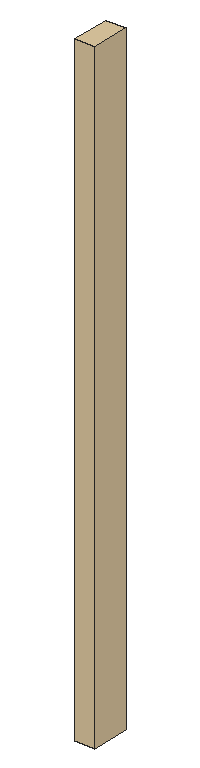
Revit family "M_Glulam-Western Species-Column", category 구조 기둥, Revit 2026
Family settings
  단면 모양 = 정의되지 않음
  모델 동작 재료 = 목재
  항상 형상으로 내보내기 = 아니오
  평면의 보 전환 = 경계 상자에서
  로드될 때 보이드를 사용하여 절단 = 아니오
  기호 표현 = 프로젝트 설정에서
  공유 = 아니오
  평면도에서 미리 절단된 패밀리 표시 = 예
Parameters (values of type "79x152")
  Structural Material [instance] = Wood - Dimensional Lumber
  b = 79 mm
  d = 152 mm
Types (3, lengths in mm): name | b
  (no name) | 79
  79x152 | 79
  130x152 | 130
Reference planes
  plane 1 "Center (Front/Back)": y = 0
  plane 2: z = 0
  plane 3 "Center (Left/Right)": x = 0
  plane 4: x = -39.5
  plane 5: x = 39.5
  plane 6: y = 76
  plane 7: y = -76
Forms (mm)
  Extrusion 1, solid, material "Wood - Dimensional Lumber" <- "Structural Material", detail levels medium+fine
    sketch origin (0, 0, 0) x (1, 0, 0) y (0, 1, 0)
      loop
        line (-39.5, 76) -> (-39.5, -76) -> (39.5, -76) -> (39.5, 76) -> (-39.5, 76)
    from 0 to 2500
Lines and regions (mm)
  symbolic lines, style "StructuralColumnStickSymbols", detail levels coarse
    curve 1: line (-39.5, 76, 0) -> (39.5, 76, 0)
    curve 2: line (-39.5, -76, 0) -> (39.5, -76, 0)
    curve 3: line (-39.5, 76, 0) -> (-39.5, -76, 0)
    curve 4: line (39.5, 76, 0) -> (39.5, -76, 0)
Dimensions and locks
  equal spacing: plane 4, plane 3 "Center (Left/Right)", plane 5
  equal spacing: plane 7, plane 1 "Center (Front/Back)", plane 6
  "d": plane 7 to plane 6
  "b": plane 4 to plane 5
  aligned and locked: plane 6 to Extrusion 1 sketch curve
  aligned and locked: Extrusion 1 sketch curve to plane 7
  aligned and locked: Extrusion 1 sketch curve to plane 4
  aligned and locked: plane 5 to Extrusion 1 sketch curve
  aligned and locked: level to Extrusion 1
  aligned and locked: level to plane 2
  aligned and locked: Extrusion 1 to plane 2
Automatic sketch dimensions
  curve 3 to plane 4 = 0 mm
  curve 4 to plane 5 = 0 mm
  curve 3 to plane 7 = 0 mm
  curve 3 to plane 6 = 0 mm
